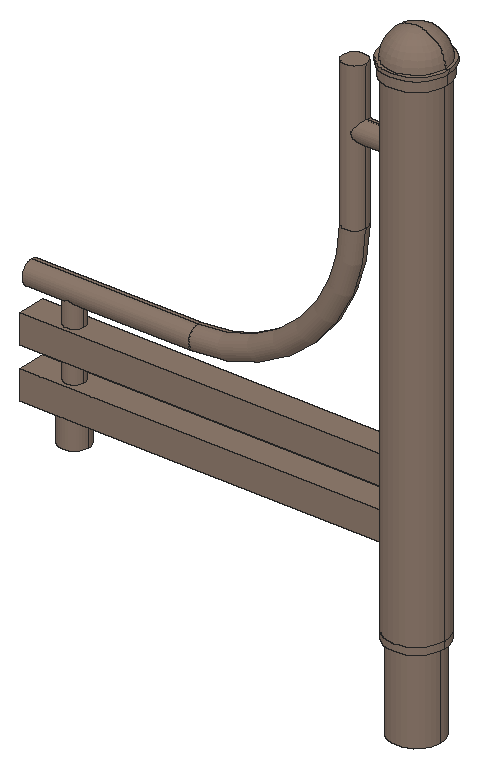
Revit family "PA352", category Generic Models, Revit 2014
Parameters
  TENON = Bronze, Architectural
  POST ARM = Bronze, Architectural
  CAP = Bronze, Architectural
Reference planes (in)
  plane 1 "Center (Front/Back)": y = 0
  plane 2: z = 0
  plane 3 "Center (Left/Right)": x = 0
Forms (in)
  Sweep 1, solid, material "Bronze, Architectural" <- "POST ARM"
    path in 3D
      loop
        line (-27, 0, 19.49894) -> (-15.33, 0, 19.49894)
        arc (-15.33, 0, 19.49894) -> (-7.55183, 0, 22.72077) -> (-4.33, 0, 30.49894) r 11
        line (-4.33, 0, 30.49894) -> (-4.33, 0, 40.83894)
    profile origin (-4.33, 0, 35.66894) x (-1, 0, 0) y (0, -1, 0)
      loop
        circle (0, 0) r 0.8125
  Revolve 2, solid, material "Bronze, Architectural" <- "POST ARM"
    sketch origin (0, 0, 0) x (1, 0, 0) y (0, 0, 1)
      loop
        line (-2, 6.5) -> (-1.75, 6.5) -> (-1.75, 42) -> (-2, 42) -> (-2, 6.5)
      axis (0, 42) -> (0, 6.5)
    angle from 0 to 360
  Revolve 3, solid, material "Bronze, Architectural" <- "CAP"
    sketch origin (0, 0, 0) x (1, 0, 0) y (0, 0, 1)
      loop
        arc (0, 44.5) -> (-1.43648, 43.91789) -> (-2.0625, 42.5) r 2.06348
        line (-2.0625, 42.5) -> (-2.3125, 42.5) -> (-2.3125, 42.25) -> (-2.1875, 42.25) -> (-2.1875, 41.5) -> (-2, 41.5) -> (-1.87509, 42.49423)
        arc (-1.87509, 42.49423) -> (-1.30595, 43.78329) -> (0, 44.3125) r 1.87598
        line (0, 44.3125) -> (0, 44.5)
      axis (0, 44.5) -> (0, 41.5)
    angle from 0 to 360
  Revolve 4, solid, material "Bronze, Architectural" <- "TENON"
    sketch origin (0, 0, 0) x (1, 0, 0) y (0, 0, 1)
      loop
        line (-1.75, 6) -> (-1.75, 0) -> (-1.5625, 0) -> (-1.5625, 6) -> (-1.5625, 8.5) -> (-1.75, 8.5) -> (-1.75, 6.5) -> (-2, 6.5) -> (-2, 6) -> (-1.75, 6)
      axis (0, 8.5) -> (0, 0)
    angle from 0 to 360
  Extrusion 5, solid, material "Bronze, Architectural" <- "POST ARM"
    sketch origin (-32, 26, 0) x (0, 1, 0) y (0, 0, 1)
      loop
        line (-27, 17.33894) -> (-27, 15.33894) -> (-25, 15.33894) -> (-25, 17.33894) -> (-27, 17.33894)
      loop
        line (-27, 13.83894) -> (-27, 11.83894) -> (-25, 11.83894) -> (-25, 13.83894) -> (-27, 13.83894)
    from 5 to 31.5
  Revolve 6, solid, material "Bronze, Architectural" <- "POST ARM"
    sketch origin (0, 0, 0) x (1, 0, 0) y (0, 0, 1)
      loop
        line (-24.6875, 17.33894) -> (-24.5625, 17.33894) -> (-24.5625, 19.30411) -> (-24.6875, 19.30411) -> (-24.6875, 17.33894)
      axis (-24, 19.30411) -> (-24, 17.33894)
    angle from 0 to 360
  Revolve 7, solid, material "Bronze, Architectural" <- "POST ARM"
    sketch origin (0, 0, -3.5) x (1, 0, 0) y (0, 0, 1)
      loop
        line (-24.6875, 17.33894) -> (-24.5625, 17.33894) -> (-24.5625, 18.83894) -> (-24.6875, 18.83894) -> (-24.6875, 17.33894)
      axis (-24, 18.83894) -> (-24, 17.33894)
    angle from 0 to 360
  Revolve 8, solid, material "Bronze, Architectural" <- "POST ARM"
    sketch origin (0, 0, 0) x (1, 0, 0) y (0, 0, 1)
      loop
        line (-25, 9.83894) -> (-24.8125, 9.83894) -> (-24.8125, 11.83894) -> (-25, 11.83894) -> (-25, 9.83894)
      axis (-24, 11.83894) -> (-24, 9.83894)
    angle from 0 to 360
  Revolve 9, solid, material "Bronze, Architectural" <- "POST ARM"
    sketch origin (0, 0, 0) x (1, 0, 0) y (0, 0, 1)
      loop
        line (-1.67921, 35.83894) -> (-1.67921, 36.02644) -> (-4.11147, 36.02644) -> (-4.11147, 35.83894) -> (-1.67921, 35.83894)
      axis (-4.11147, 36.58894) -> (-1.67921, 36.58894)
    angle from 0 to 360
Cuts and joins
  joined: Sweep 1, Revolve 2, Extrusion 5, Revolve 6, Revolve 8, Revolve 9
Lines and regions (in)
  sketch lines
    curve 1: line (-4.33, 0, 30.49894) -> (-4.33, 0, 40.83894)
    curve 2: arc (-4.33, 0, 30.49894) -> (-7.55183, 0, 22.72077) -> (-15.33, 0, 19.49894) r 11
    curve 3: line (-15.33, 0, 19.49894) -> (-27, 0, 19.49894)
Dimensions and locks (in)
  aligned and locked: plane 2 to level
